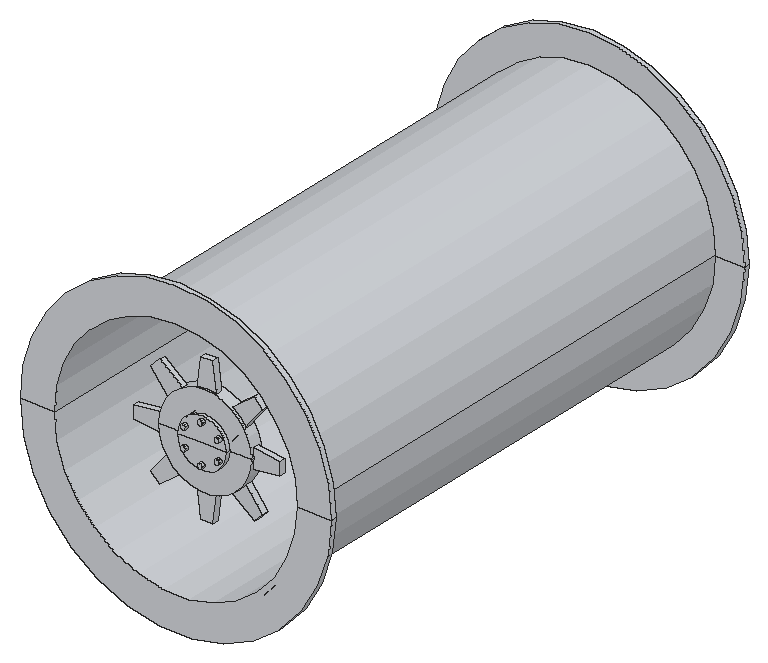
Revit family "CADS_Vent-Axia_MechEquip_Fan_BIFA_250_1Ph4P - SUPPLY", category Mechanical Equipment, Revit 2020
Family settings
  Round Connector Dimension = Use Diameter
  Part Type = Normal
  OmniClass Number = 23.75.00.00
  OmniClass Title = Climate Control (HVAC)
  Work Plane-Based = No
  Always vertical = Yes
  Cut with Voids When Loaded = No
  Shared = No
  Room Calculation Point = No
Parameters (values of type "BIFA251440")
  WorkingPressure = 0.0 Pa
  WarrantyStartDate [instance] = "1900-12-31T23:59:59"
  WarrantyPeriod = ""
  WarrantyIdentifier = "N/A"
  WarrantyGuarantorParts = "tech@vent-axia.com"
  WarrantyGuarantorLabor = "tech@vent-axia.com"
  WarrantyGuarantor = "Vent-Axia Limited"
  WarrantyEndDate [instance] = "1900-12-31T23:59:59"
  WarrantyContent = ""
  TemperatureRange = ""
  TagNumber [instance] = "N/A"
  SustainabilityPerformance = ""
  Status = "New"
  Size = ""
  Shape = ""
  ServiceLifeType = ""
  ServiceLifeDuration = ""
  SerialNumber [instance] = "N/A"
  ReplacementCost = ""
  RatedVoltage = 0 V
  RatedCurrent = 0 A
  Quantity = 1
  ProductionYear = ""
  PressureCurve = ""
  PowerFactor = ""
  PointOfContact = ""
  NumberOfPoles = 0
  NominalWidth = 250 mm
  NominalLength = 535 mm
  NominalHeight = 250 mm
  NominalFrequencyRange = ""
  NominalDiameter = 250 mm
  ModelReference = "BIF 250MM 1PH 4P 40DEG"
  ModelNumber = "BIFA251440"
  Material = ""
  ManufacturerE-Mail = "tech@vent-axia.com"
  ManufacturerAddress = "Fleming Way\nCrawley \nRH10 9YX"
  IsExtendedWarranty = no
  InsulationStandardClass = ""
  InstallationDate [instance] = "1900-12-31T23:59:59"
  IfcExportType [instance] = ""
  IfcExportAs = "IfcFanType"
  IP_Code = ""
  HasProtectiveEarth = no
  GrossWeight = 0.00 kg
  Grade = ""
  GlobalTradeItemNumber [instance] = "N/A"
  Fitting Type = "Ignore"
  Finish = ""
  Features = ""
  ExteriorInsulation = no
  ExpectedServiceLife = 0
  Exclusions = ""
  DurationUnit = "Year"
  Default Elevation = 0 mm
  Constituents = ""
  ConductorFunction = ""
  Color = ""
  CodePerformance = ""
  Category = ""
  CADS_Usage = 0
  CADS_Index = 0
  AssetType = "FIXED"
  AssetIdentifier [instance] = "N/A"
  AssemblyPlace = "UNKNOWN"
  ArticleNumber [instance] = "N/A"
  AirflowRateRange = 0.0 L/s
  Air Flow [instance] = 0.0 L/s
  AccessibilityPerformance = ""
Types (4, lengths in mm): name | ModelReference | ModelNumber
  BIFA251425 | "BIF 250MM 1PH 4P 25DEG" | "BIFA251425"
  BIFA251430 | "BIF 250MM 1PH 4P 30DEG" | "BIFA251430"
  BIFA251435 | "BIF 250MM 1PH 4P 35DEG" | "BIFA251435"
  BIFA251440 | "BIF 250MM 1PH 4P 40DEG" | "BIFA251440"
Reference planes
  plane 1 "Center (Front/Back)": y = 0
  plane 2: z = 0
  plane 3 "Center (Left/Right)": x = 0
  plane 4: x = -125
  plane 5: x = 125
  plane 6 "F": y = -267.5
  plane 7 "B": y = 267.5
  plane 8: x = -160
  plane 9: y = 262.5
  plane 10: y = -262.5
  plane 11: x = -130
  plane 12: y = -227.5
Forms (mm)
  Revolve 1, solid
    sketch origin (0, 0, 0) x (1, 0, 0) y (0, 1, 0)
      loop
        line (-160, -267.5) -> (-125, -267.5) -> (-125, 267.5) -> (-160, 267.5) -> (-160, 262.5) -> (-130, 262.5) -> (-130, -262.5) -> (-160, -262.5) -> (-160, -267.5)
      axis (0, 267.5) -> (0, -267.5)
    angle from 0 to 360
Dimensions and locks
  equal spacing: plane 4, plane 3 "Center (Left/Right)", plane 5
  equal spacing: plane 7 "B", plane 1 "Center (Front/Back)", plane 6 "F"
  "NominalLength": plane 7 "B" to plane 6 "F"
  "NominalDiameter": plane 4 to plane 5
  locked: plane 11 to plane 4 at 5
  locked: plane 8 to plane 11 at 30
  locked: plane 6 "F" to plane 10 at 5
  locked: plane 7 "B" to plane 9 at 5
  locked: plane 6 "F" to plane 12 at 40
  aligned and locked: level to plane 2
  aligned and locked: nested 1 to plane 12
Automatic sketch dimensions
  plane 6 "F" to Revolve 1 sketch curve = 0 mm
  Revolve 1 sketch curve to plane 8 = 0 mm  (x2)
  plane 10 to Revolve 1 sketch curve = 0 mm
  Revolve 1 sketch curve to plane 11 = 0 mm
  Revolve 1 sketch curve to plane 4 = 0 mm
  Revolve 1 sketch curve to plane 3 "Center (Left/Right)" = 0 mm
  plane 1 "Center (Front/Back)" to Revolve 1 sketch curve = 0 mm
  Revolve 1 sketch curve to plane 9 = 0 mm
  Revolve 1 sketch curve to plane 7 "B" = 0 mm
  plane 6 "F" to Revolve 1 sketch curve = 115 mm
Nested families
  nested 1: "Fan for BIFA" at (0, -227.5, 0), ND <- "NominalDiameter", type "Fan for BIFA"
    with hub 25 mm, ND 250 mm, BoltPCD 20 mm, Bolt Count 6, B_Diam 5 mm
  nested 2: "Bolts" at (17.321, -236.672, -10) x (-0.5, 0, -0.866) z (0, 1, 0), type "Bolts"
    with bd 5 mm
  nested 3: "Bolts" at (0, -236.672, -20) x (-1, 0, 0) z (0, 1, 0), type "Bolts"
    with bd 5 mm
  nested 4: "Bolts" at (-17.321, -236.672, -10) x (-0.5, 0, 0.866) z (0, 1, 0), type "Bolts"
    with bd 5 mm
  nested 5: "Bolts" at (-17.321, -236.672, 10) x (0.5, 0, 0.866) z (0, 1, 0), type "Bolts"
    with bd 5 mm
  nested 6: "Bolts" at (17.321, -236.672, 10) x (0.5, 0, -0.866) z (0, 1, 0), type "Bolts"
    with bd 5 mm
  nested 7: "Bolts" at (0, -236.672, 20) x (1, 0, 0) z (0, 1, 0), type "Bolts"
    with bd 5 mm
  nested 8: "BIFA Blade" at (0, -227.5, 12.5), type "BIFA Blade"
    with a 20.00°, HR 12.5 mm, HD 25 mm, BT 12.5 mm, BR 50 mm, BH 40 mm, BD 125 mm, BB 25 mm
  nested 9: "BIFA Blade" at (8.839, -227.5, 8.839) x (0.7071, 0, -0.7071) z (0.7071, 0, 0.7071), type "BIFA Blade"
    with a 20.00°, HR 12.5 mm, HD 25 mm, BT 12.5 mm, BR 50 mm, BH 40 mm, BD 125 mm, BB 25 mm
  nested 10: "BIFA Blade" at (12.5, -227.5, 0) x (0, 0, -1) z (1, 0, 0), type "BIFA Blade"
    with a 20.00°, HR 12.5 mm, HD 25 mm, BT 12.5 mm, BR 50 mm, BH 40 mm, BD 125 mm, BB 25 mm
  nested 11: "BIFA Blade" at (8.839, -227.5, -8.839) x (-0.7071, 0, -0.7071) z (0.7071, 0, -0.7071), type "BIFA Blade"
    with a 20.00°, HR 12.5 mm, HD 25 mm, BT 12.5 mm, BR 50 mm, BH 40 mm, BD 125 mm, BB 25 mm
  nested 12: "BIFA Blade" at (0, -227.5, -12.5) x (-1, 0, 0) z (0, 0, -1), type "BIFA Blade"
    with a 20.00°, HR 12.5 mm, HD 25 mm, BT 12.5 mm, BR 50 mm, BH 40 mm, BD 125 mm, BB 25 mm
  nested 13: "BIFA Blade" at (-8.839, -227.5, 8.839) x (-0.7071, 0, -0.7071) z (-0.7071, 0, 0.7071), type "BIFA Blade"
    with a 20.00°, HR 12.5 mm, HD 25 mm, BT 12.5 mm, BR 50 mm, BH 40 mm, BD 125 mm, BB 25 mm
  nested 14: "BIFA Blade" at (-12.5, -227.5, 0) x (0, 0, -1) z (-1, 0, 0), type "BIFA Blade"
    with a 20.00°, HR 12.5 mm, HD 25 mm, BT 12.5 mm, BR 50 mm, BH 40 mm, BD 125 mm, BB 25 mm
  nested 15: "BIFA Blade" at (-8.839, -227.5, -8.839) x (0.7071, 0, -0.7071) z (-0.7071, 0, -0.7071), type "BIFA Blade"
    with a 20.00°, HR 12.5 mm, HD 25 mm, BT 12.5 mm, BR 50 mm, BH 40 mm, BD 125 mm, BB 25 mm
Connectors
  hvac at (0, -267.5, 0), driven by "NominalDiameter", driven by "Air Flow"
    settings: on Revolve 1, index 1, duct flow 0.0 L/s, flow factor 0, pres drop 0.0 Pa, loss coef 0, conn angle 0.00°, conn width 304.8 mm, conn height 304.8 mm, conn diameter 250 mm, duct sys type 1, conn prof type 0, flow config 1, flow direction 1, loss method 0, conn ref index -1, conn util no, is conn primary yes, conn desc ""
  hvac at (0, 267.5, 0), driven by "NominalDiameter", driven by "Air Flow"
    settings: on Revolve 1, index 2, duct flow 0.0 L/s, flow factor 0, pres drop 0.0 Pa, loss coef 0, conn angle 0.00°, conn width 304.8 mm, conn height 304.8 mm, conn diameter 250 mm, duct sys type 1, conn prof type 0, flow config 0, flow direction 2, loss method 0, conn ref index -1, conn util no, is conn primary no, conn desc ""
Definition of nested family "Fan for BIFA"
  Parameters (values of type "Fan for BIFA")
    hub [instance] = ND / 10  # 50 mm
    ND [instance] = 500 mm
    Model = "."
    Default Elevation = 0 mm
    BoltPCD [instance] = hub - (hub * 0.2)  # 40 mm
    Bolt Count [instance] = if(hub < 50 mm, 6, 8)  # 8
    B_Diam [instance] = if(hub < 50 mm, 5 mm, 10 mm)  # 10 mm
  Reference planes
    plane 1 "Center (Front/Back)": y = 0
    plane 2: z = 0
    plane 3 "Center (Left/Right)": x = 0
    plane 4 "back": y = 20
    plane 5 "bolts": y = -9.172
    plane 6 "B": z = 50
    plane 7: x = -72.587
    plane 8: x = -50
    plane 9 "hubface": y = -6.172
  Forms (mm)
    Revolve 1, solid
      sketch origin (0, 0, 0) x (1, 0, 0) y (0, 1, 0)
        loop
          line (0, 20) -> (-50, 20) -> (-50, 10.504) -> (-72.587, 10.504) -> (-72.587, -2.597) -> (-50, -2.597) -> (-50, -6.172) -> (0, -6.172) -> (0, 20)
        axis (0, 20) -> (0, -6.172)
      angle from 0 to 360
    Extrusion 2, solid, not visible
      sketch origin (0, -6.347, -4) x (-1, 0, 0) y (0, 0, 1)
        loop
          circle (0, 84) r 5
      from 0 to 3
  Lines and regions (mm)
    symbolic lines
      curve 1: circle (0, -9.172, 0) r 40 normal (0, 1, 0)
    model lines, not visible
      curve 2: line (0, -6.347, 85) -> (0, -6.347, 75)
  Dimensions and locks
    "hub": plane 6 "B" to plane 2
    "hub": nested 3 to plane 3 "Center (Left/Right)"
    "hub": nested 4 to plane 3 "Center (Left/Right)"
    "hub": nested 5 to plane 3 "Center (Left/Right)"
    "hub": plane 3 "Center (Left/Right)" to nested 6
    "hub": Revolve 1 sketch curve to Revolve 1 sketch curve
    "hub": plane 3 "Center (Left/Right)" to nested 7
    "hub": plane 3 "Center (Left/Right)" to nested 8
    "hub": plane 3 "Center (Left/Right)" to nested 9
    "hub": plane 8 to plane 3 "Center (Left/Right)"
    plane 7 to plane 8 = 22.587 mm
    diameter of Extrusion 2 sketch curve = 10 mm
    "BoltPCD": radius of curve 1
    "BoltPCD": radius of radial array
    aligned and locked: level to plane 2
    aligned and locked: plane 6 "B" to nested 1
  Automatic sketch dimensions
    Revolve 1 sketch curve to plane 7 = 0 mm
    Revolve 1 sketch curve to plane 8 = 0 mm  (x2)
    Revolve 1 sketch curve to plane 3 "Center (Left/Right)" = 0 mm
    Revolve 1 sketch curve to plane 9 "hubface" = 0 mm
    plane 4 "back" to Revolve 1 sketch curve = 0 mm
    plane 1 "Center (Front/Back)" to Revolve 1 sketch curve = 2.597 mm
    plane 4 "back" to Revolve 1 sketch curve = 9.496 mm
    plane 4 "back" to Revolve 1 sketch curve = 5 mm
    Revolve 1 sketch curve to Revolve 1 sketch curve = 45 mm
    curve 1 to level = 0 mm
    curve 1 to plane 3 "Center (Left/Right)" = 0 mm
  Nested families
    nested 1: "BIFA Blade" at (0, 0, 25), BD <- "ND", HD <- "hub", type "BIFA Blade"
      with a 20.00°, HR 25 mm, HD 50 mm, BT 25 mm, BR 100 mm, BH 40 mm, BD 250 mm, BB 50 mm
    nested 2: "BIFA Blade" at (0, 0, 55), BD <- "ND", HD <- "hub", type "BIFA Blade", not visible
      with a 20.00°, HR 25 mm, HD 50 mm, BT 25 mm, BR 100 mm, BH 40 mm, BD 250 mm, BB 50 mm
    nested 3: "BIFA Blade" at (17.678, 0, 17.678) x (0.7071, 0, -0.7071) z (0.7071, 0, 0.7071), BD <- "ND", HD <- "hub", type "BIFA Blade"
      with a 20.00°, HR 25 mm, HD 50 mm, BT 25 mm, BR 100 mm, BH 40 mm, BD 250 mm, BB 50 mm
    nested 4: "BIFA Blade" at (25, 0, 0) x (0, 0, -1) z (1, 0, 0), BD <- "ND", HD <- "hub", type "BIFA Blade"
      with a 20.00°, HR 25 mm, HD 50 mm, BT 25 mm, BR 100 mm, BH 40 mm, BD 250 mm, BB 50 mm
    nested 5: "BIFA Blade" at (17.678, 0, -17.678) x (-0.7071, 0, -0.7071) z (0.7071, 0, -0.7071), BD <- "ND", HD <- "hub", type "BIFA Blade"
      with a 20.00°, HR 25 mm, HD 50 mm, BT 25 mm, BR 100 mm, BH 40 mm, BD 250 mm, BB 50 mm
    nested 6: "BIFA Blade" at (0, 0, -25) x (-1, 0, 0) z (0, 0, -1), BD <- "ND", HD <- "hub", type "BIFA Blade"
      with a 20.00°, HR 25 mm, HD 50 mm, BT 25 mm, BR 100 mm, BH 40 mm, BD 250 mm, BB 50 mm
    nested 7: "BIFA Blade" at (-17.678, 0, 17.678) x (-0.7071, 0, -0.7071) z (-0.7071, 0, 0.7071), BD <- "ND", HD <- "hub", type "BIFA Blade"
      with a 20.00°, HR 25 mm, HD 50 mm, BT 25 mm, BR 100 mm, BH 40 mm, BD 250 mm, BB 50 mm
    nested 8: "BIFA Blade" at (-25, 0, 0) x (0, 0, -1) z (-1, 0, 0), BD <- "ND", HD <- "hub", type "BIFA Blade"
      with a 20.00°, HR 25 mm, HD 50 mm, BT 25 mm, BR 100 mm, BH 40 mm, BD 250 mm, BB 50 mm
    nested 9: "BIFA Blade" at (-17.678, 0, -17.678) x (0.7071, 0, -0.7071) z (-0.7071, 0, -0.7071), BD <- "ND", HD <- "hub", type "BIFA Blade"
      with a 20.00°, HR 25 mm, HD 50 mm, BT 25 mm, BR 100 mm, BH 40 mm, BD 250 mm, BB 50 mm
    nested 10: "Bolts" at (0, -9.172, 40) x (1, 0, 0) z (0, 1, 0), bd <- "B_Diam", type "Bolts"
      with bd 10 mm
    nested 11: "Bolts" at (28.284, -9.172, 28.284) x (0.7071, 0, -0.7071) z (0, 1, 0), bd <- "B_Diam", type "Bolts"
      with bd 10 mm
    nested 12: "Bolts" at (-28.284, -9.172, 28.284) x (0.7071, 0, 0.7071) z (0, 1, 0), bd <- "B_Diam", type "Bolts"
      with bd 10 mm
    nested 13: "Bolts" at (-40, -9.172, 0) x (0, 0, 1) z (0, 1, 0), bd <- "B_Diam", type "Bolts"
      with bd 10 mm
    nested 14: "Bolts" at (-28.284, -9.172, -28.284) x (-0.7071, 0, 0.7071) z (0, 1, 0), bd <- "B_Diam", type "Bolts"
      with bd 10 mm
    nested 15: "Bolts" at (0, -9.172, -40) x (-1, 0, 0) z (0, 1, 0), bd <- "B_Diam", type "Bolts"
      with bd 10 mm
    nested 16: "Bolts" at (28.284, -9.172, -28.284) x (-0.7071, 0, -0.7071) z (0, 1, 0), bd <- "B_Diam", type "Bolts"
      with bd 10 mm
    nested 17: "Bolts" at (40, -9.172, 0) x (0, 0, -1) z (0, 1, 0), bd <- "B_Diam", type "Bolts"
      with bd 10 mm
  Definition of nested family "BIFA Blade"
    Parameters (values of type "BIFA Blade")
      a [instance] = 20.00°
      HR [instance] = HD / 2  # 30 mm
      HD [instance] = BD / 5  # 60 mm
      Default Elevation = 1219.2 mm
      BT [instance] = BD / 10  # 30 mm
      BR [instance] = (BD / 2) - HR  # 120 mm
      BH [instance] = 40 mm
      BD [instance] = 300 mm
      BB [instance] = BD / 5  # 60 mm
    Reference planes
      plane 1 "Center (Front/Back)": y = 0
      plane 2: z = 0
      plane 3 "Center (Left/Right)": x = 0
      plane 4 "Blade Bot": z = 30
      plane 5: x = -30
      plane 6: x = 30
      plane 7: x = -15
      plane 8: x = 15
    Forms (mm)
      Blend 1, solid
        base sketch origin (0, 0, 30) x (-1, 0, 0) y (0, -1, 0)
          loop
            line (30, 0) -> (-30, 0) -> (-30, -6) -> (30, -6) -> (30, 0)
        top sketch origin (0, 0, 30) x (-1, 0, 0) y (0, -1, 0)
          loop
            line (15, -6) -> (15, 0) -> (-15, 0) -> (-15, -6) -> (15, -6)
        from 0 to 120 <- "BR"
    Dimensions and locks
      "HR": plane 4 "Blade Bot" to level
      equal spacing: plane 8, plane 3 "Center (Left/Right)", plane 7
      "BT": plane 8 to plane 7
      equal spacing: plane 6, plane 3 "Center (Left/Right)", plane 5
      "BB": plane 6 to plane 5
      aligned and locked: level to plane 2
    Automatic sketch dimensions
      plane 1 "Center (Front/Back)" to Blend 1 sketch curve = 0 mm  (x2)
      Blend 1 sketch curve to plane 6 = 0 mm
      Blend 1 sketch curve to plane 5 = 0 mm
      Blend 1 sketch curve to plane 1 "Center (Front/Back)" = 6 mm  (x2)
      Blend 1 sketch curve to plane 8 = 0 mm
      Blend 1 sketch curve to plane 7 = 0 mm
  Definition of nested family "Bolts"
    Parameters
      bd [instance] = 10 mm
      Default Elevation = 1219.2 mm
    Reference planes
      plane 1 "Center (Front/Back)": y = 0
      plane 2: z = 0
      plane 3 "Center (Left/Right)": x = 0
    Forms (mm)
      Extrusion 1, solid
        sketch origin (0, 0, 0) x (1, 0, 0) y (0, 1, 0)
          loop
            line (-1219.2, 1219.2) -> (-1219.2, -1219.2) -> (1219.2, -1219.2) -> (1219.2, 1219.2) -> (-1219.2, 1219.2)
        from 0 to -304.8
      Extrusion 2, solid
        sketch origin (0, 0, 0) x (1, 0, 0) y (0, 1, 0)
          loop
            circle (0, 0) r 5
        from 0 to 3
    Dimensions and locks
      "bd": diameter of Extrusion 2 sketch curve
      aligned and locked: plane 2 to Extrusion 1
      aligned and locked: level to Extrusion 1
    Automatic sketch dimensions
      Extrusion 1 sketch curve to Extrusion 1 sketch curve = 2438.4 mm  (x2)
      plane 1 "Center (Front/Back)" to Extrusion 2 sketch curve = 0 mm
      Extrusion 2 sketch curve to plane 3 "Center (Left/Right)" = 0 mm
Definition of nested family "Bolts"
  Parameters
    bd [instance] = 10 mm
    Default Elevation = 1219.2 mm
  Reference planes
    plane 1 "Center (Front/Back)": y = 0
    plane 2: z = 0
    plane 3 "Center (Left/Right)": x = 0
  Forms (mm)
    Extrusion 1, solid
      sketch origin (0, 0, 0) x (1, 0, 0) y (0, 1, 0)
        loop
          line (-1219.2, 1219.2) -> (-1219.2, -1219.2) -> (1219.2, -1219.2) -> (1219.2, 1219.2) -> (-1219.2, 1219.2)
      from 0 to -304.8
    Extrusion 2, solid
      sketch origin (0, 0, 0) x (1, 0, 0) y (0, 1, 0)
        loop
          circle (0, 0) r 5
      from 0 to 3
  Dimensions and locks
    "bd": diameter of Extrusion 2 sketch curve
    aligned and locked: plane 2 to Extrusion 1
    aligned and locked: level to Extrusion 1
  Automatic sketch dimensions
    Extrusion 1 sketch curve to Extrusion 1 sketch curve = 2438.4 mm  (x2)
    plane 1 "Center (Front/Back)" to Extrusion 2 sketch curve = 0 mm
    Extrusion 2 sketch curve to plane 3 "Center (Left/Right)" = 0 mm
Definition of nested family "BIFA Blade"
  Parameters (values of type "BIFA Blade")
    a [instance] = 20.00°
    HR [instance] = HD / 2  # 30 mm
    HD [instance] = BD / 5  # 60 mm
    Default Elevation = 1219.2 mm
    BT [instance] = BD / 10  # 30 mm
    BR [instance] = (BD / 2) - HR  # 120 mm
    BH [instance] = 40 mm
    BD [instance] = 300 mm
    BB [instance] = BD / 5  # 60 mm
  Reference planes
    plane 1 "Center (Front/Back)": y = 0
    plane 2: z = 0
    plane 3 "Center (Left/Right)": x = 0
    plane 4 "Blade Bot": z = 30
    plane 5: x = -30
    plane 6: x = 30
    plane 7: x = -15
    plane 8: x = 15
  Forms (mm)
    Blend 1, solid
      base sketch origin (0, 0, 30) x (-1, 0, 0) y (0, -1, 0)
        loop
          line (30, 0) -> (-30, 0) -> (-30, -6) -> (30, -6) -> (30, 0)
      top sketch origin (0, 0, 30) x (-1, 0, 0) y (0, -1, 0)
        loop
          line (15, -6) -> (15, 0) -> (-15, 0) -> (-15, -6) -> (15, -6)
      from 0 to 120 <- "BR"
  Dimensions and locks
    "HR": plane 4 "Blade Bot" to level
    equal spacing: plane 8, plane 3 "Center (Left/Right)", plane 7
    "BT": plane 8 to plane 7
    equal spacing: plane 6, plane 3 "Center (Left/Right)", plane 5
    "BB": plane 6 to plane 5
    aligned and locked: level to plane 2
  Automatic sketch dimensions
    plane 1 "Center (Front/Back)" to Blend 1 sketch curve = 0 mm  (x2)
    Blend 1 sketch curve to plane 6 = 0 mm
    Blend 1 sketch curve to plane 5 = 0 mm
    Blend 1 sketch curve to plane 1 "Center (Front/Back)" = 6 mm  (x2)
    Blend 1 sketch curve to plane 8 = 0 mm
    Blend 1 sketch curve to plane 7 = 0 mm
